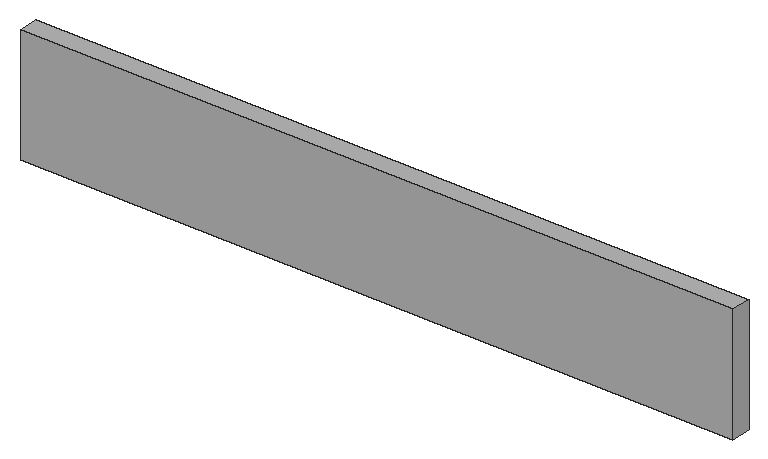
Revit family "P120 1830mm Plain Panel", category Generic Models, Revit 2020
Family settings
  Can host rebar = No
  Round Connector Dimension = Use Diameter
  Part Type = Normal
  Work Plane-Based = No
  Always vertical = Yes
  Cut with Voids When Loaded = No
  Shared = No
  Room Calculation Point = No
Parameters
  Weight = "66Kg."
  Warranty Guarantor Parts = "n/a"
  Warranty Guarantor Labour = "n/a"
  Warranty Duration Unit = "n/a"
  Warranty Duration Parts = "n/a"
  Warranty Duration Labour = "n/a"
  Warranty Description = "n/a"
  Unit Width [instance] = 50 mm
  Unit Length [instance] = 1830 mm
  Unit Height [instance] = 300 mm
  URL = "www.killeshal.com"
  Types = "Single"
  Type Comments = "Visit our website for a full list of available products."
  Sustainability Performance = "n/a"
  Structural Class = "n/a"
  Span = "Length."
  Slope = "0.00°"
  Size = "50mm Wide x 300mm High x 1830mm Long."
  Shape = "As per drawing"
  Service Life = "0.000000"
  Serial Number = "n/a"
  Resistance to Fire = "n/a"
  Replacement Cost = "n/a"
  Reference = "n/a"
  Notified Body = "n/a"
  Nominal Cover to Main Bar = "n/a"
  Model = "P/120 Panel."
  Mechanical Resistance = "n/a"
  Manufacturer = "Killeshal Precast Concrete Ltd."
  Load Bearing = no
  Life Cycle Environmental Load = "n/a"
  Length Options = "1830mm."
  Keynote = "The information contained is the sole property of KPC Ltd., any reproduction in part or whole without permission of KPC Ltd. is prohibited."
  Environmental Product Declaration = "n/a"
  Environmental Class = "n/a"
  Durability against Corrosion = "n/a"
  Dimension Accuracy Class = "n/a"
  Detailing = "As per design specification and product drawings."
  Description = "1830mm Plain Panel."
  Default Elevation = 0 mm
  Dangerous Substances = "n/a"
  Contact Tel = "0035357 9353018"
  Contact Email = "sales@killeshal.com"
  Construction Type = "Precast"
  Construction Tolerance Class = "n/a"
  Compressive Strength of Concrete = "n/a"
  Characteristics of Reinforcing Steel = "n/a"
  Characteristics Deflection Under Load = "n/a"
Reference planes
  plane 1 "Center (Front/Back)": y = 0
  plane 2: z = 0
  plane 3 "Center (Left/Right)": x = 0
  plane 4 "Rear": y = 25
  plane 5 "Center L/W": z = 300
  plane 6 "Center L/Y": y = -25
Forms (mm)
  Extrusion 1, solid, material "Precast Concrete (KPC)"
    sketch origin (0, 0, 0) x (0, 1, 0) y (0, 0, 1)
      loop
        line (-25, 300) -> (-25, 0) -> (25, 0) -> (25, 300) -> (-25, 300)
    from 0 to 1830
Lines and regions (mm)
  reference lines
    curve 1: line (0, 25, 0) -> (0, -25, 0)
    curve 2: line (0, 25, 300) -> (0, 25, 0)
    curve 3: line (0, -25, 300) -> (0, 25, 300)
    curve 4: line (0, -25, 0) -> (0, -25, 300)
Dimensions and locks
  "Unit Width": Extrusion 1 to Extrusion 1
  "Unit Height": Extrusion 1 to Extrusion 1
  "Unit Length": Extrusion 1 to Extrusion 1
  aligned and locked: level to plane 2
Automatic sketch dimensions
  curve 1 to level = 0 mm
  curve 1 to plane 6 "Center L/Y" = 0 mm
  curve 3 to plane 4 "Rear" = 0 mm
  curve 3 to plane 5 "Center L/W" = 0 mm
  Extrusion 1 sketch curve to level = 0 mm
  Extrusion 1 sketch curve to plane 6 "Center L/Y" = 0 mm
  Extrusion 1 sketch curve to plane 4 "Rear" = 0 mm
  Extrusion 1 sketch curve to plane 5 "Center L/W" = 0 mm
